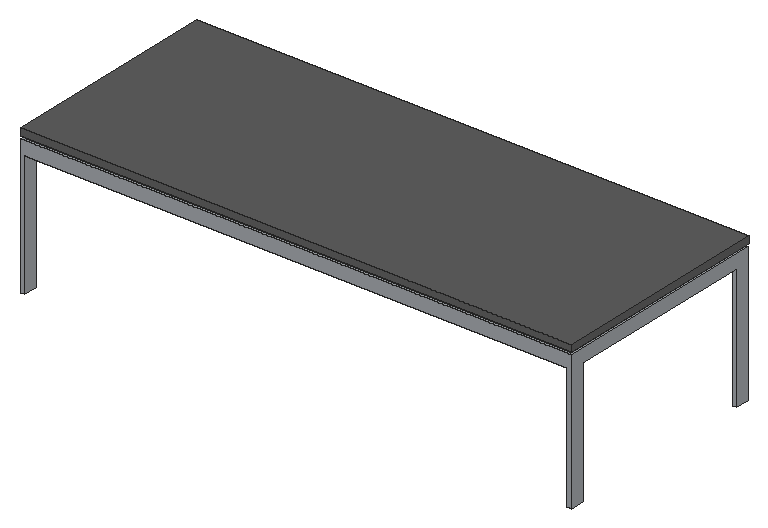
Revit family
Parameters
  URL = "http://www.martinbrattrud.com"
  Table Top [instance] = none
  SCS Certified Product = "Yes"
  Model = "Lundin 1006-60RL"
  Manufacturer = "Martin Brattrud, Inc."
  Leg [instance] = none
  Keynote = "125000"
  Copyright = "© 2013 Martin Brattrud, Inc."
  Authoring Version = "Revit Architecture 2010"
  Assembly Code = "E2020200"
Reference planes (in)
  plane 1 "Center Front/Back": y = 0
  plane 2: z = 0
  plane 3 "Center Left/Right": x = 0
  plane 4: z = 0
  plane 5: z = 16
  plane 6: z = 15.25
  plane 7: z = 15
  plane 8: z = 13.5
  plane 9: x = 132
  plane 10: y = 12
  plane 11: y = -12
  plane 12: y = -11.6875
  plane 13: y = -11.5
  plane 14: y = 11.6875
  plane 15: y = 11.5
  plane 16: x = -30
  plane 17: x = -29.6875
  plane 18: x = -30
  plane 19: x = 30
  plane 20: x = 29.6875
  plane 21: x = 30
  plane 22: x = -30
  plane 23: x = 30
Forms (in)
  Extrusion 1, solid, material <- "Leg"
    sketch origin (-18, 0, 0) x (0, 1, 0) y (0, 0, -1)
      loop
        line (12, -15) -> (12, 0) -> (10.5, 0) -> (10.5, -13.5) -> (-10.5, -13.5) -> (-10.5, 0) -> (-12, 0) -> (-12, -15) -> (12, -15)
    from 11.5 to 12
  Extrusion 2, solid, material <- "Leg"
    sketch origin (0, 2, -4) x (0, 1, 0) y (0, 0, 1)
      loop
        line (10, 19) -> (9.5, 19) -> (9.5, 17.5) -> (10, 17.5) -> (10, 19)
      loop
        line (-14, 19) -> (-14, 17.5) -> (-13.5, 17.5) -> (-13.5, 19) -> (-14, 19)
    from -30 to 30
  Extrusion 3, solid, material <- "Table Top"
    sketch origin (0, 0, -4) x (1, 0, 0) y (0, 1, 0)
      loop
        line (-30, 12) -> (-30, -12) -> (30, -12) -> (30, 12) -> (-30, 12)
    from 19.25 to 20
  Extrusion 4, solid, material <- "Table Top"
    sketch origin (0, 0, -4) x (1, 0, 0) y (0, 1, 0)
      loop
        line (29.6875, 11.6875) -> (-29.5, 11.6875) -> (-29.5, -11.6875) -> (29.6875, -11.6875) -> (29.6875, 11.6875)
    from 18.5217 to 19.25
  Extrusion 5, solid, material <- "Leg"
    sketch origin (18, 0, 0) x (0, 1, 0) y (0, 0, 1)
      loop
        line (12, 0) -> (12, 15) -> (-12, 15) -> (-12, 0) -> (-10.5, 0) -> (-10.5, 13.5) -> (10.5, 13.5) -> (10.5, 0) -> (12, 0)
    from 11.5 to 12
Cuts and joins
  joined: Extrusion 1, Extrusion 2, Extrusion 5
